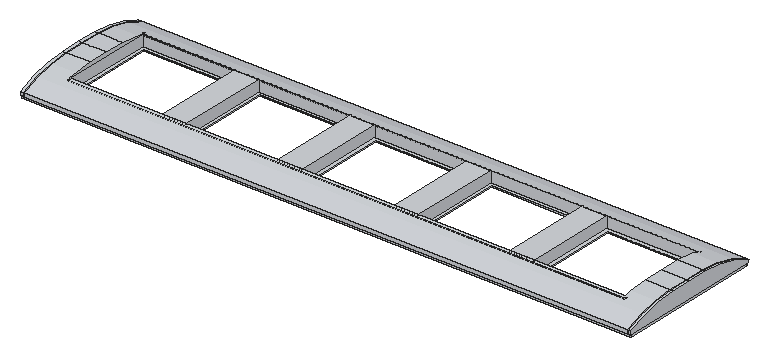
Revit family "Gira_0215806", category Electrical Fixtures, host Face, Revit 2017
Family settings
  Host = Face
  Maintain Annotation Orientation = No
  Round Connector Dimension = Use Diameter
  Part Type = Normal
  Cut with Voids When Loaded = No
  Shared = No
  Room Calculation Point = No
Parameters (values of type "Abdeckrahmen 5f Zwischenr. F Alu Gira Event Reinweiß")
  Werkstoffgüte = "Thermoplast"
  Werkstoff = "Kunststoff"
  URL = "http://katalog.gira.de/de_DE/datenblatt.html?artikelnr=0215806"
  Transparent = "No"
  Textfeld/Beschriftungsfläche = "No"
  Schutzart (IP) = "IP20"
  Region = "DE"
  Oberfläche = "sonstige"
  Name = "Abdeckrahmen 5f Zwischenr. F Alu Gira Event Reinweiß"
  Montagerichtung = "horizontal und vertikal"
  Mit Montagerahmen = "No"
  Mit Klappdeckel = "No"
  Manufacturer URL = "https://www.gira.de/"
  Keynote = "Event_Rahmen_5fach"
  HeinzeBIM = "https://bimportal.heinze.de/bim/abdeckrahmen-5f-zwischenr-f-alu-gira-event-reinweiss/5e94a084397b4f650b48aea96df778a194add74b"
  Halogenfrei = "Yes"
  HAN = "0215806"
  Geeignet für Unterputz-Installation = "Yes"
  Geeignet für Unterflurkanaldose = "No"
  Geeignet für Geräteeinbaukanal = "No"
  Geeignet für Einbauinstallation = "No"
  GTIN = "4010337070054"
  Farbe = "weiß"
  Default Elevation = 1219.2 mm
  Data sheet (1) = "https://katalog.gira.de/de_DE/download.html?artikelnr=0215806"
  Category = "Abdeckrahmen"
  Befestigungsart = "Klemmbefestigung"
  Available = "Yes"
  Anzahl der Einheiten vertikal = "5 "
  Anzahl der Einheiten horizontal = "5 "
  Anzahl der Einheiten = "5 "
Reference planes
  plane 1 "Center (Front/Back)": y = 0
  plane 2: z = 0
  plane 3 "Center (Left/Right)": x = 0
Forms (mm)
  Extrusion 1, solid, detail levels fine
    sketch origin (0, 0, 0.05) x (0, 1, 0) y (0, 0, 1)
      loop
        arc (12.445, 9.683) -> (6.223, 9.833) -> (0, 9.85) r 291.636
        arc (0, 9.85) -> (-6.223, 9.833) -> (-12.445, 9.683) r 291.636
        arc (-12.445, 9.683) -> (-29.14, 7.482) -> (-45, 1.823) r 79.728
        line (-45, 1.823) -> (-45, -0.05) -> (-42.086, -0.05)
        arc (-42.086, -0.05) -> (-21.385, 5.559) -> (0, 7.206) r 114.424
        arc (0, 7.206) -> (21.385, 5.559) -> (42.086, -0.05) r 114.424
        line (42.086, -0.05) -> (45, -0.05) -> (45, 1.823)
        arc (45, 1.823) -> (29.14, 7.482) -> (12.445, 9.683) r 79.728
    from -185.578 to 185.593
  Extrusion 2, void, detail levels fine
    sketch origin (0, 0, 0) x (1, 0, 0) y (0, 1, 0)
      loop
        line (170.607, 28) -> (-170.593, 28) -> (-170.593, -28) -> (170.607, -28) -> (170.607, 28)
    from 0.724 to 11
  Extrusion 3, solid, detail levels coarse
    sketch origin (0, 0, 0) x (1, 0, 0) y (0, 1, 0)
      loop
        line (-187.578, 45) -> (-187.578, -45) -> (187.593, -45) -> (187.593, 45) -> (-187.578, 45)
    from -1.5 to 9.9
  Extrusion 4, solid, detail levels medium
    sketch origin (0, 0, 0.05) x (0, 1, 0) y (0, 0, 1)
      loop
        arc (12.445, 9.683) -> (6.223, 9.833) -> (0, 9.85) r 291.636
        arc (0, 9.85) -> (-6.223, 9.833) -> (-12.445, 9.683) r 291.636
        arc (-12.445, 9.683) -> (-29.14, 7.482) -> (-45, 1.823) r 79.728
        line (-45, 1.823) -> (-45, -0.05) -> (45, -0.05) -> (45, 1.823)
        arc (45, 1.823) -> (29.14, 7.482) -> (12.445, 9.683) r 79.728
    from -187.578 to 187.593
  Extrusion 5, solid, detail levels fine
    sketch origin (-142.578, 0, -1.5) x (0, 1, 0) y (0, 0, -1)
      loop
        line (45, -3.373) -> (45, -1.5) -> (-45, -1.5) -> (-45, -3.373)
        arc (-45, -3.373) -> (-29.14, -9.032) -> (-12.445, -11.233) r 79.728
        arc (-12.445, -11.233) -> (-6.223, -11.383) -> (0, -11.4) r 291.636
        arc (0, -11.4) -> (6.223, -11.383) -> (12.445, -11.233) r 291.636
        arc (12.445, -11.233) -> (29.14, -9.032) -> (45, -3.373) r 79.728
    from 43 to 45
  Extrusion 6, solid, detail levels fine
    sketch origin (0, 0, 0) x (1, 0, 0) y (0, 1, 0)
      loop
        line (-168.493, 25.7) -> (-168.493, -25.7) -> (-116.693, -25.7) -> (-116.693, 25.7) -> (-168.493, 25.7)
      loop
        line (-45.398, -25.7) -> (-45.398, 25.7) -> (-97.198, 25.7) -> (-97.198, -25.7) -> (-45.398, -25.7)
      loop
        line (-171.487, 28.49) -> (-171.487, -28.495)
        spline (-171.487, -28.495) -> (-171.479, -28.625) -> (-171.453, -28.754) -> (-171.411, -28.878) -> (-171.353, -28.995) -> (-171.281, -29.104) -> (-171.194, -29.202) -> (-171.096, -29.288) -> (-170.987, -29.361) -> (-170.87, -29.419) -> (-170.746, -29.461) -> (-170.618, -29.486) -> (-170.487, -29.495)
        line (-170.487, -29.495) -> (170.502, -29.495)
        spline (170.502, -29.495) -> (170.633, -29.486) -> (170.761, -29.461) -> (170.885, -29.419) -> (171.002, -29.361) -> (171.111, -29.288) -> (171.209, -29.202) -> (171.296, -29.104) -> (171.368, -28.995) -> (171.426, -28.878) -> (171.468, -28.754) -> (171.494, -28.625) -> (171.502, -28.495)
        line (171.502, -28.495) -> (171.502, 28.49)
        spline (171.502, 28.49) -> (171.494, 28.62) -> (171.468, 28.748) -> (171.426, 28.872) -> (171.368, 28.99) -> (171.296, 29.098) -> (171.209, 29.197) -> (171.111, 29.283) -> (171.002, 29.356) -> (170.885, 29.413) -> (170.761, 29.456) -> (170.633, 29.481) -> (170.502, 29.49)
        line (170.502, 29.49) -> (-170.487, 29.49)
        spline (-170.487, 29.49) -> (-170.618, 29.481) -> (-170.746, 29.456) -> (-170.87, 29.413) -> (-170.987, 29.356) -> (-171.096, 29.283) -> (-171.194, 29.197) -> (-171.281, 29.098) -> (-171.353, 28.99) -> (-171.411, 28.872) -> (-171.453, 28.748) -> (-171.479, 28.62) -> (-171.487, 28.49)
      loop
        line (25.902, -25.7) -> (25.902, 25.7) -> (-25.898, 25.7) -> (-25.898, -25.7) -> (25.902, -25.7)
      loop
        line (97.207, -25.7) -> (97.207, 25.7) -> (45.407, 25.7) -> (45.407, -25.7) -> (97.207, -25.7)
      loop
        line (168.507, -25.7) -> (168.507, 25.7) -> (116.707, 25.7) -> (116.707, -25.7) -> (168.507, -25.7)
    from 0.1 to 7.3
  Extrusion 7, solid
    sketch origin (0, 0, 0) x (1, 0, 0) y (0, 1, 0)
      loop
        arc (-187.293, -44.218) -> (-187.146, -44.572) -> (-186.793, -44.718) r 0.5
        line (-186.793, -44.718) -> (186.807, -44.718)
        arc (186.807, -44.718) -> (187.161, -44.572) -> (187.307, -44.218) r 0.5
        line (187.307, -44.218) -> (187.307, 44.182)
        arc (187.307, 44.182) -> (187.161, 44.535) -> (186.807, 44.682) r 0.5
        line (186.807, 44.682) -> (-186.793, 44.682)
        arc (-186.793, 44.682) -> (-187.146, 44.535) -> (-187.293, 44.182) r 0.5
        line (-187.293, 44.182) -> (-187.293, -44.218)
      loop
        line (-185.593, 42.982) -> (-185.593, -43.018) -> (185.607, -43.018) -> (185.607, 42.982) -> (-185.593, 42.982)
    from -1.5 to 0.5
  Extrusion 8, solid, detail levels fine
    sketch origin (142.593, 0, -1.5) x (0, 1, 0) y (0, 0, 1)
      loop
        arc (45, 3.373) -> (29.14, 9.032) -> (12.445, 11.233) r 79.728
        arc (12.445, 11.233) -> (6.223, 11.383) -> (0, 11.4) r 291.636
        arc (0, 11.4) -> (-6.223, 11.383) -> (-12.445, 11.233) r 291.636
        arc (-12.445, 11.233) -> (-29.14, 9.032) -> (-45, 3.373) r 79.728
        line (-45, 3.373) -> (-45, 1.5) -> (45, 1.5) -> (45, 3.373)
    from 43 to 45
  Extrusion 9, solid, detail levels medium
    sketch origin (0, 0, 0) x (1, 0, 0) y (0, 1, 0)
      loop
        line (-187.293, -44.718) -> (187.307, -44.718) -> (187.307, 44.682) -> (-187.293, 44.682) -> (-187.293, -44.718)
    from -1.5 to 0.5
  Extrusion 10, solid, detail levels fine
    sketch origin (-105.5, 0, 0) x (1, 0, 0) y (0, 1, 0)
      loop
        line (-8.943, 28.063) -> (-8.943, -27.937) -> (6.057, -27.937) -> (6.057, 28.063) -> (-8.943, 28.063)
    from 0.724 to 7.566
  Extrusion 11, solid, detail levels fine
    sketch origin (-37.085, 0, 0) x (-1, 0, 0) y (0, -1, 0)
      loop
        line (-8.943, -28.063) -> (6.057, -28.063) -> (6.057, 27.937) -> (-8.943, 27.937) -> (-8.943, -28.063)
    from 0.724 to 7.566
  Extrusion 12, solid, detail levels fine
    sketch origin (105.5, 0, 0) x (-1, 0, 0) y (0, -1, 0)
      loop
        line (-8.943, -28.063) -> (6.057, -28.063) -> (6.057, 27.937) -> (-8.943, 27.937) -> (-8.943, -28.063)
    from 0.724 to 7.566
  Extrusion 13, solid, detail levels fine
    sketch origin (37.085, 0, 0) x (1, 0, 0) y (0, 1, 0)
      loop
        line (-8.943, 28.063) -> (-8.943, -27.937) -> (6.057, -27.937) -> (6.057, 28.063) -> (-8.943, 28.063)
    from 0.724 to 7.566
Cuts and joins
  Extrusion 2 cuts Extrusion 1
  Extrusion 2 cuts Extrusion 6
Dimensions and locks
  aligned and locked: plane 2 to host face
  aligned and locked: level to host face
